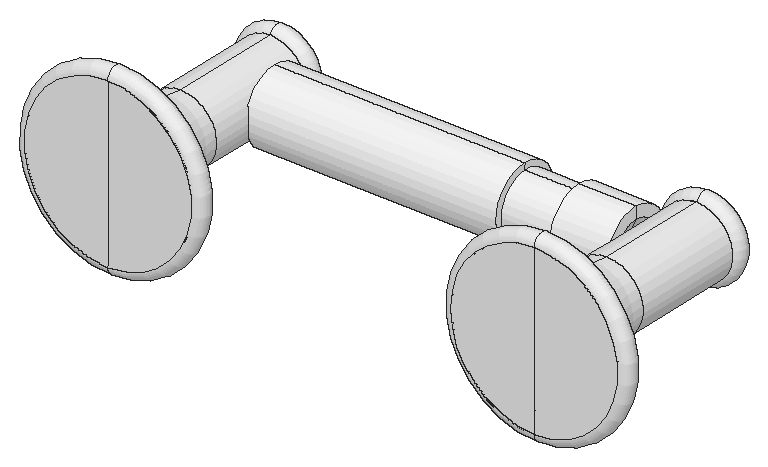
Revit family "546940001_Portarrollos Nilo", category Plumbing Fixtures, host Wall, Revit 2019
Family settings
  Host = Wall
  Round Connector Dimension = Use Diameter
  Part Type = Normal
  OmniClass Number = 23.19.25.13.21.17
  OmniClass Title = Fittings
  Always vertical = Yes
  Cut with Voids When Loaded = No
  Shared = No
  Room Calculation Point = No
Parameters (values of type "Nilo")
  URL = "https://www.grival.com/griferias-y-accesorios/accesorios-para-bano/kit-accesorios-para-bano/kit-accesorios-x6-nilo/"
  Resistencia a cargas o peso máximo = "9 kg. (19,8 lb.)."  # constant formula
  Peso Neto aprox = "471 gr. 1,038 lb."  # constant formula
  Peso Bruto aprox = "602 gr. 1,33 lb."  # constant formula
  Material = Corona_Cromado
  Manufacturer = "Corona"  # constant formula
  Longitud = 82 mm
  Garantía Acabados = "2 Años (Cromado)"  # constant formula
  Garantía = "5 Años (Grival)"  # constant formula
  Fecha de creación = "13/08/2020"  # constant formula
  Description = "• Los accesorios de baño Nilo, diseño robusto y funcional.\r\n• Acabado superior, mayor espesor en el cromado que lo hace más\r\nbrillante y resistente a la corrosión.\r\n• Fácil limpieza: Diseño que evita la acumulación de impurezas.\r\n• Resistencia a cargas o peso máximo de 9 kg. (19,8 lb.).\r\n• El toallero barra tiene una resistencia de 23 Kg. (50.7 lb)."  # constant formula
  Creado por = "IDD"  # constant formula
  Ancho = 220 mm
  Alto = 600 mm
  Acabado = Corona_Plastico_Blanco
Reference planes
  plane 1: y = 0
  plane 2 "Center (Left/Right)": x = 125
  plane 3 "Back": y = 75
  plane 4 "2": x = 15
  plane 5 "3": x = 235
  plane 6: z = 600
  plane 7: y = 157
Forms (mm)
  Revolve 1, solid, material "Corona_Cromado" <- "Material", detail levels medium+fine
    sketch origin (46, 0, 0) x (0, 1, 0) y (0, 0, 1)
      loop
        line (75, 600) -> (157, 600) -> (157, 613.129)
        arc (157, 613.129) -> (153.579, 615.419) -> (150.158, 613.129) r 3.701
        line (150.158, 613.129) -> (108.705, 613.129)
        arc (108.705, 613.129) -> (92.944, 618.338) -> (82.211, 631) r 30.648
        arc (82.211, 631) -> (78.605, 634.605) -> (75, 631) r 3.605
        line (75, 631) -> (75, 600)
      axis (75, 600) -> (157, 600)
    angle from 0 to 360
  Revolve 2, solid, material "Corona_Cromado" <- "Material", detail levels medium+fine
    sketch origin (204, 0, 0) x (0, 1, 0) y (0, 0, -1)
      loop
        line (75, -600) -> (75, -631)
        arc (75, -631) -> (78.605, -634.605) -> (82.211, -631) r 3.605
        arc (82.211, -631) -> (92.944, -618.338) -> (108.705, -613.129) r 30.648
        line (108.705, -613.129) -> (150.158, -613.129)
        arc (150.158, -613.129) -> (153.579, -615.419) -> (157, -613.129) r 3.701
        line (157, -613.129) -> (157, -600) -> (75, -600)
      axis (75, -600) -> (157, -600)
    angle from 0 to 360
  Revolve 3, solid, material "Corona_Plastico_Blanco" <- "Acabado", detail levels medium+fine
    sketch origin (0.625, 136.875, 0) x (1, 0, 0) y (0, 0, 1)
      loop
        line (191.501, 609.015) -> (191.501, 613.463) -> (170.379, 613.463) -> (170.379, 611.257) -> (150.379, 611.257) -> (150.379, 613.463) -> (57.606, 613.463) -> (57.606, 610.139)
        arc (57.606, 610.139) -> (60.429, 605.415) -> (61.411, 600) r 15.411
        line (61.411, 600) -> (188.589, 600)
        arc (188.589, 600) -> (189.335, 604.737) -> (191.501, 609.015) r 15.411
      axis (191.501, 600) -> (57.606, 600)
    angle from 0 to 360
  Extrusion 4, solid, material "Corona_Cromado" <- "Material", detail levels coarse
    sketch origin (0, 75, 0) x (1, 0, 0) y (0, 0, 1)
      loop
        line (235, 569) -> (235, 631) -> (15, 631) -> (15, 569) -> (235, 569)
    from -82 to 0
Text (mm)
  text "Placement side" at (-1787.139, 592.35, 0), in view "Ref. Level"
  text "Placement side" at (0, 1827.695, 2917.686), in view "Left"
  text "Placement side" at (0, 562.268, 3853.606), in view "Right"
Dimensions and locks
  locked: plane 3 "Back" to host wall at 0
  equal spacing: plane 5 "3", plane 2 "Center (Left/Right)", plane 4 "2"
  "Ancho": plane 5 "3" to plane 4 "2"
  "Alto": level to plane 6
  "Longitud": plane 7 to plane 3 "Back"
  aligned and locked: plane 1 to host wall
  aligned and locked: Extrusion 4 to plane 7
  aligned and locked: Extrusion 4 to host wall
Automatic sketch dimensions
  Revolve 1 sketch curve to host wall = 0 mm  (x2)
  Revolve 1 sketch curve to plane 6 = 0 mm  (x2)
  Revolve 1 sketch curve to plane 7 = 0 mm
  Revolve 1 sketch curve to Revolve 1 sketch curve = 3.605 mm
  plane 6 to Revolve 1 sketch curve = 13.129 mm
  Revolve 1 sketch curve to Revolve 1 sketch curve = 26.494 mm
  Revolve 1 sketch curve to Revolve 1 sketch curve = 27.872 mm
  plane 7 to Revolve 1 sketch curve = 6.842 mm
  plane 7 to Revolve 1 sketch curve = 3.421 mm
  Revolve 1 sketch curve to Revolve 1 sketch curve = 1.411 mm
  plane 6 to Revolve 1 sketch curve = 31 mm
  Revolve 1 sketch curve to Revolve 1 sketch curve = 2.642 mm
  Revolve 2 sketch curve to host wall = 0 mm  (x2)
  Revolve 2 sketch curve to plane 6 = 0 mm  (x2)
  Revolve 2 sketch curve to plane 7 = 0 mm
  Revolve 2 sketch curve to Revolve 2 sketch curve = 3.605 mm
  plane 6 to Revolve 2 sketch curve = 13.129 mm
  Revolve 2 sketch curve to Revolve 2 sketch curve = 26.494 mm
  Revolve 2 sketch curve to Revolve 2 sketch curve = 27.872 mm
  plane 7 to Revolve 2 sketch curve = 6.842 mm
  plane 7 to Revolve 2 sketch curve = 3.421 mm
  plane 6 to Revolve 2 sketch curve = 31 mm
  Revolve 2 sketch curve to Revolve 2 sketch curve = 1.411 mm
  Revolve 2 sketch curve to Revolve 2 sketch curve = 2.642 mm
  Revolve 3 sketch curve to plane 6 = 0 mm  (x2)
  plane 4 "2" to Revolve 3 sketch curve = 31.625 mm
  Revolve 3 sketch curve to Revolve 3 sketch curve = 11.606 mm
  Revolve 3 sketch curve to Revolve 3 sketch curve = 3.805 mm
  plane 2 "Center (Left/Right)" to Revolve 3 sketch curve = 26.004 mm
  Revolve 3 sketch curve to Revolve 3 sketch curve = 20 mm
  Revolve 3 sketch curve to Revolve 3 sketch curve = 18.21 mm
  Revolve 3 sketch curve to Revolve 3 sketch curve = 2.912 mm
  Revolve 3 sketch curve to Revolve 3 sketch curve = 15.411 mm
  plane 6 to Revolve 3 sketch curve = 11.257 mm
  Revolve 3 sketch curve to Revolve 3 sketch curve = 2.206 mm  (x2)
  Revolve 3 sketch curve to plane 2 "Center (Left/Right)" = 1.995 mm
  plane 2 "Center (Left/Right)" to Revolve 3 sketch curve = 3.005 mm
  Extrusion 4 sketch curve to plane 4 "2" = 0 mm
  Extrusion 4 sketch curve to plane 5 "3" = 0 mm
  Extrusion 4 sketch curve to plane 6 = 31 mm
  plane 6 to Extrusion 4 sketch curve = 31 mm
Nested families
  nested 1: "front" at (125, 75, 600) x (-1, 0, 0) z (0, -1, 0), type "front"
  nested 2: "right" at (125, 75, 600) x (0, -1, 0) z (1, 0, 0), type "right"
Definition of nested family "front"
  Parameters (values of type "front")
    Ancho = 220 mm
  Reference planes
    plane 1 "Center (Front/Back)": y = 0
    plane 2: z = 0
    plane 3 "Center (Left/Right)": x = 0
    plane 4 "Center (F/C": x = 110
    plane 5 "Center (F/D": x = -110
  Lines and regions (mm)
    detail lines, in view "Ref. Level"
      curve 1: arc (-50.997, 13.298, 0) -> (-110, 0, 0) -> (-50.997, -13.298, 0) r 31
      curve 2: circle (-79, 0, 0) r 12.526 normal (0, 0, 1)
      curve 3: arc (50.997, 13.298, 0) -> (110, 0, 0) -> (50.997, -13.298, 0) r 31
      curve 4: circle (79, 0, 0) r 12.526 normal (0, 0, -1)
      curve 5: line (-66.706, 13.298, 0) -> (-45.43, 13.298, 0)
      curve 6: line (-45.43, 13.298, 0) -> (-45.43, 0, 0)
      curve 7: line (-45.43, 10.998, 0) -> (-25.43, 10.998, 0)
      curve 8: line (-25.43, 0, 0) -> (-25.43, 13.298, 0)
      curve 9: line (-25.43, 13.298, 0) -> (66.6, 13.298, 0)
      curve 10: line (66.6, 13.298, 0) -> (66.6, 0, 0)
      curve 11: line (-66.706, -13.298, 0) -> (-45.43, -13.298, 0)
      curve 12: line (-45.43, -13.298, 0) -> (-45.43, 0, 0)
      curve 13: line (-45.43, -10.998, 0) -> (-25.43, -10.998, 0)
      curve 14: line (-25.43, 0, 0) -> (-25.43, -13.298, 0)
      curve 15: line (-25.43, -13.298, 0) -> (66.6, -13.298, 0)
      curve 16: line (66.6, -13.298, 0) -> (66.6, 0, 0)
      curve 17: line (-66.706, 13.298, 0) -> (-66.706, -13.298, 0)
  Dimensions and locks
    equal spacing: plane 5 "Center (F/D", plane 3 "Center (Left/Right)", plane 4 "Center (F/C"
    "Ancho": plane 5 "Center (F/D" to plane 4 "Center (F/C"
  Automatic sketch dimensions
    curve 1 to curve 2 = 0 mm  (x2)
    curve 3 to curve 4 = 0 mm  (x2)
    plane 1 "Center (Front/Back)" to curve 2 = 0 mm
    plane 1 "Center (Front/Back)" to curve 6 = 0 mm
    plane 1 "Center (Front/Back)" to curve 14 = 0 mm
    plane 1 "Center (Front/Back)" to curve 16 = 0 mm
    plane 1 "Center (Front/Back)" to curve 3 = 0 mm
    plane 5 "Center (F/D" to curve 2 = 31 mm
    curve 6 to plane 1 "Center (Front/Back)" = 13.298 mm
    curve 6 to curve 14 = 20 mm
    curve 9 to plane 1 "Center (Front/Back)" = 13.298 mm
    curve 9 to plane 4 "Center (F/C" = 43.4 mm
    curve 10 to curve 3 = 12.4 mm
    plane 1 "Center (Front/Back)" to curve 12 = 13.298 mm
    plane 1 "Center (Front/Back)" to curve 15 = 13.298 mm
    curve 1 to curve 17 = 12.294 mm
    curve 14 to curve 13 = 2.3 mm
    curve 7 to curve 5 = 2.3 mm
    curve 1 to curve 5 = 5.567 mm
    radius of curve 1 = 31 mm
    radius of curve 2 = 12.526 mm
    radius of curve 3 = 31 mm
    radius of curve 4 = 12.526 mm
Definition of nested family "right"
  Parameters (values of type "right")
    Ancho = 82 mm
  Reference planes
    plane 1 "Center (Front/Back)": y = 0
    plane 2: z = 0
    plane 3 "Center (Left/Right)": x = 0
    plane 4 "Center (F/D": x = -82
  Lines and regions (mm)
    detail lines, in view "Ref. Level"
      curve 1: line (0, 0, 0) -> (0, 32.614, 0)
      curve 2: arc (0, 32.614, 0) -> (-3.078, 35.692, 0) -> (-6.157, 32.614, 0) r 3.078
      curve 3: arc (-6.157, 32.614, 0) -> (-16.829, 18.948, 0) -> (-33.32, 13.594, 0) r 29.629
      curve 4: line (-33.32, 13.594, 0) -> (-76.66, 13.594, 0)
      curve 5: arc (-76.66, 13.594, 0) -> (-79.33, 16.264, 0) -> (-82, 13.594, 0) r 2.67
      curve 6: line (-82, 13.594, 0) -> (-82, 0, 0)
      curve 7: line (-7.485, 29.647, 0) -> (-7.485, -29.647, 0)
      curve 8: line (-5.253, 34.793, 0) -> (-5.253, -34.793, 0)
      curve 9: line (0, 0, 0) -> (0, -32.614, 0)
      curve 10: arc (0, -32.614, 0) -> (-3.078, -35.692, 0) -> (-6.157, -32.614, 0) r 3.078
      curve 11: arc (-6.157, -32.614, 0) -> (-16.829, -18.948, 0) -> (-33.32, -13.594, 0) r 29.629
      curve 12: line (-33.32, -13.594, 0) -> (-76.66, -13.594, 0)
      curve 13: arc (-76.66, -13.594, 0) -> (-79.33, -16.264, 0) -> (-82, -13.594, 0) r 2.67
      curve 14: line (-82, -13.594, 0) -> (-82, 0, 0)
      curve 15: line (-76.66, 13.594, 0) -> (-76.66, -13.594, 0)
  Dimensions and locks
    "Ancho": plane 4 "Center (F/D" to plane 3 "Center (Left/Right)"
  Automatic sketch dimensions
    plane 1 "Center (Front/Back)" to curve 6 = 0 mm
    curve 6 to plane 4 "Center (F/D" = 0 mm
    plane 1 "Center (Front/Back)" to curve 9 = 0 mm
    curve 9 to plane 3 "Center (Left/Right)" = 0 mm
    plane 4 "Center (F/D" to curve 13 = 2.67 mm
    curve 3 to plane 3 "Center (Left/Right)" = 33.823 mm
    curve 4 to plane 1 "Center (Front/Back)" = 13.594 mm
    curve 3 to curve 4 = 0.503 mm
    curve 12 to curve 3 = 0 mm
    curve 10 to plane 3 "Center (Left/Right)" = 3.078 mm
    plane 1 "Center (Front/Back)" to curve 13 = 13.594 mm
    curve 2 to plane 1 "Center (Front/Back)" = 32.614 mm
    curve 7 to curve 3 = 1.328 mm
    curve 7 to curve 8 = 2.232 mm
    plane 1 "Center (Front/Back)" to curve 7 = 29.647 mm
    curve 8 to curve 7 = 5.146 mm
    curve 3 to curve 8 = 2.179 mm
